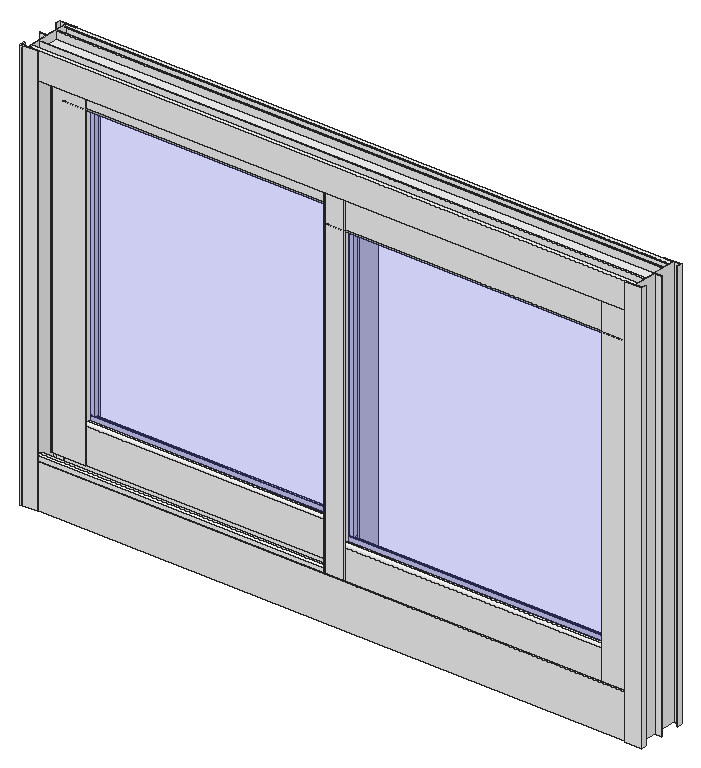
Revit family "Elite_Sliding_Window_OX_Custom", category Windows, host Wall, Revit 2014
Parameters (values of type "EliteSW-OX-Custom")
  Windload Design = if(Custom Windload < 1001 mm, 1000 mm, if(Custom Windload < 1501 mm, 1500 mm, 2000 mm))  # 1000 mm
  Width Sash Right [instance] = 447.9 mm
  Width Sash Left [instance] = 447.9 mm
  Width = if(Custom Window Width < Limit Window Width Min, Limit Window Width Min, if(Custom Window Width > Limit Window Width Max, Limit Window Width Max, Custom Window Width))  # 890 mm
  Wall Thickness [instance] = 200 mm
  URL = "http://www.crealco.co.za/crealco-products.php"
  Thermal Resistance (R) [instance] = if(and(Custom U Value > 0.5678, 1 / Custom U Value < 36.9087), Custom U Value, if(not(Custom U Value > 0.5678), 1 / 0.5679, 1 / 36.9086)) * 1.0000 (m²·K)/W  # 1.76087 (m²·K)/W
  Standard Interlocker = not(Inside Heavy Duty Interlocker)  # yes
  Solar Heat Gain Coefficient [instance] = if(and(not(Custom SHGC Value < 0), not(Custom SHGC Value > 1)), Custom SHGC Value, if(Custom U Value < 0, 0, 1))  # 0
  Sash Width Right = (Width - (2 mm * 12) - Sash Width Left) + 29.8 mm  # 447.9 mm
  Sash Width Left = if(Equal Sash Width, ((Width - (2 mm * 12)) / 2) + 14.9 mm, if(Custom Sash Width Left < Limit Sash Width Left Min, Limit Sash Width Left Min, if(Custom Sash Width Left > Limit Sash Width Left Max, Limit Sash Width Left Max, Custom Sash Width Left)))  # 447.9 mm
  Sash Side Spacing = 0.5 mm  # constant formula
  Sash Height = Height - 29 mm - 54 mm  # 507 mm
  Sash Frame Seal = 1 mm  # constant formula
  Rough Width = 2.5 mm
  Overall Width [instance] = 890 mm
  Overall Height [instance] = 590 mm
  Outside Heavy Duty Interlocker = if(Interlocker Configuration = 2 mm, 1 = 1, 1 = 0)  # no
  Model = "Elite"  # constant formula
  Max Pane Area = if(Area Right Sash Glazing > Area Left Sash Glazing, Area Right Sash Glazing, Area Left Sash Glazing)  # 0.160149 m²
  Manufacturer = "Crealco"  # constant formula
  Limit Window Width Min = (2 * Limit Sash Width Min) + (2 mm * 12) - 29.8 mm  # 594.2 mm
  Limit Window Width Max = if(Windload Design = 1000 mm, (2 * Limit Sash Width Max) + (2 mm * 12) - 29.8 mm, if(Windload Design = 1500 mm, if(Custom Window Height > 1490 mm, 1490 mm, (2 * Limit Sash Width Max) + (2 mm * 12) - 29.8 mm), if(Custom Window Height > 1490 mm, 890 mm, (2 * Limit Sash Width Max) + (2 mm * 12) - 29.8 mm)))  # 2994.2 mm
  Limit Window Height Min = Limit Sash Height Min + (29 mm + 54 mm)  # 383 mm
  Limit Window Height Max = if(Windload Design = 1000 mm, Limit Sash Height Max + (29 mm + 54 mm), if(Windload Design = 1500 mm, if(and(Custom Window Width > 1490 mm, Custom Window Height > 1490 mm), 1490 mm, Limit Sash Height Max + (29 mm + 54 mm)), if(and(Custom Window Width > 890 mm, Custom Window Height > 1490 mm), 1490 mm, Limit Sash Height Max + (29 mm + 54 mm))))  # 1883 mm
  Limit Sash Width Min = 300 mm  # constant formula
  Limit Sash Width Max = 1500 mm  # constant formula
  Limit Sash Width Left Min = if(Width - (2 mm * 12) - Limit Sash Width Max + 29.8 mm < Limit Sash Width Min, Limit Sash Width Min, Width - (2 mm * 12) - Limit Sash Width Max + 29.8 mm)  # 300 mm
  Limit Sash Width Left Max = if(Width - (2 mm * 12) - Limit Sash Width Min + 29.8 mm > Limit Sash Width Max, Limit Sash Width Max, Width - (2 mm * 12) - Limit Sash Width Min + 29.8 mm)  # 595.8 mm
  Limit Sash Height Min = 300 mm  # constant formula
  Limit Sash Height Max = 1800 mm  # constant formula
  Keynote = ""
  Interlocker Configuration = if(Windload Design = 1000 mm, if(or(not(Height > 890 mm), or(and(not(Height > 1190 mm), not(Width > 2690 mm)), and(not(Height > 1490 mm), not(Width > 890 mm)))), 0 mm, if(and(Height > 1490 mm, Width > 1190 mm), 2 mm, 1 mm)), if(Windload Design = 1500 mm, if(or(and(not(Width > 1190 mm), not(Height > 1190 mm)), not(Height > 890 mm)), 0 mm, if(or(and(Width > 1790 mm, Height > 1190 mm), and(Width > 890 mm, Height > 1490 mm)), 2 mm, 1 mm)), if(or(not(Height > 890 mm), and(not(Width > 890 mm), not(Height > 1190 mm))), 0 mm, if(or(Height > 1490 mm, and(Width > 1190 mm, Height > 1190 mm)), 2 mm, 1 mm))))  # 0 mm
  IGDB or SAGDB Number [instance] = 0
  Height Sash [instance] = 507 mm
  Inside Heavy Duty Interlocker = if(or(Interlocker Configuration = 1 mm, Interlocker Configuration = 2 mm), 1 = 1, 1 = 0)  # no
  Height = if(Custom Window Height < Limit Window Height Min, Limit Window Height Min, if(Custom Window Height > Limit Window Height Max, Limit Window Height Max, Custom Window Height))  # 590 mm
  Heat Transfer Coefficient (U) [instance] = if(and(Custom U Value > 0.5678, Custom U Value < 36.9087), Custom U Value, if(not(Custom U Value > 0.5678), 0.5679, 36.9086)) * 1.0000 W/(m²·K)  # 0.5679 W/(m²·K)
  Glazing Thickness [instance] = if(IGDB or SAGDB Number = 1000015, 4 mm, if(IGDB or SAGDB Number = 9922, 4 mm, if(IGDB or SAGDB Number = 100100, 6 mm, if(IGDB or SAGDB Number = 103200, 7 mm, if(not(Max Pane Area > 0.75 m²), 4 mm, if(not(Max Pane Area > 1.50 m²), 4 mm, if(not(Max Pane Area > 2.10 m²), 5 mm, if(not(Max Pane Area > 2.90 m²), 6.4 mm, if(not(Max Pane Area > 4.30 m²), 8 mm, 10 mm)))))))))  # 4 mm
  Glazing Material [instance] = if(IGDB or SAGDB Number = 1000015, "PFG CLEARVUE 4mm", if(IGDB or SAGDB Number = 9922, "PFG ENERGY ADVANTAGE 4mm LOW-E", if(IGDB or SAGDB Number = 100100, "PFG INTRUDERPRUFE 6.38mm", if(IGDB or SAGDB Number = 103200, "PFG INTRUDERPRUFE LOW-E 7.38mm", "Unknown"))))  # "Unknown"
  Glazing Finish [instance] = Glass
  Glazing Code [instance] = if(IGDB or SAGDB Number = 1000015, "CF4", if(IGDB or SAGDB Number = 9922, "CF4E", if(IGDB or SAGDB Number = 100100, "LAM01", if(IGDB or SAGDB Number = 103200, "LAM01E", "Unknown"))))  # "Unknown"
  Frame Thickness = 70.3 mm  # constant formula
  Frame Offset From Exterior [instance] = if(Centered In Wall, (Wall Thickness - Frame Thickness) / 2, Custom Frame Offset From Exterior)  # 64.85 mm
  Equal Sash Width = yes
  Description = "Sliding window, OX custom"  # constant formula
  Default Sill Height = 800 mm
  Wall Closure = By host
  Custom Window Width = 890 mm
  Custom Window Height = 590 mm
  Custom Windload = 1000 mm
  Custom U Value [instance] = 0
  Custom Sash Width Left = 600 mm
  Custom SHGC Value [instance] = 0
  Custom Frame Offset From Exterior = 0 mm
  Centered In Wall = yes
  Area Right Sash Glazing = (Sash Width Right - 21 mm - 41 mm) * (Sash Height - (46 mm * 2))  # 0.160149 m²
  Area Left Sash Glazing = (Sash Width Left - 21 mm - 41 mm) * (Sash Height - (46 mm * 2))  # 0.160149 m²
  Aluminium Finish [instance] = White Powder Coated Aluminium ANP 1052
  All Available Glazing Numbers [instance] = "The rows below list the available glazing materials for this window:"  # constant formula
  9922 [instance] = "CF4E"  # constant formula
  103200 [instance] = "LAM01E"  # constant formula
  100100 [instance] = "LAM01"  # constant formula
  1000015 [instance] = "CF4"  # constant formula
Reference planes
  plane 1 "Center (Front/Back)": y = 0
  plane 2 "Center (Left/Right)": x = 0
  plane 3 "Left": x = -445
  plane 4 "Right": x = 445
  plane 5 "Sill": z = 800
  plane 6 "Head": z = 1390
  plane 7 "Exterior": y = 100
  plane 8 "Interior": y = -100
Lines and regions (mm)
  Opening 1
    outline origin (3500, -100, 0) x (1, 0, 0) y (0, 0, 1)
      loop
        line (-3055, 800) -> (-3055, 1390) -> (-3945, 1390) -> (-3945, 800) -> (-3055, 800)
Text (mm)
  text "EXTERIOR" at (-1963.203, 1332.353, 0), in view "Ref. Level"
  text "INTERIOR" at (-1981.466, -818.386, 0), in view "Ref. Level"
  text "Exterior" at (0, 923.751, 2943.296), in view "Right"
  text "Exterior" at (0, 1040.484, 2685.409), in view "Left"
Dimensions and locks
  equal spacing: plane 3 "Left", plane 2 "Center (Left/Right)", plane 4 "Right"
  "Width": plane 3 "Left" to plane 4 "Right"
  "Height": plane 5 "Sill" to plane 6 "Head"
  "Default Sill Height": plane 5 "Sill" to level
  locked: plane 7 "Exterior" to host wall at 0
  locked: plane 8 "Interior" to host wall
  "Overall Height": plane 6 "Head" to plane 5 "Sill"
  "Overall Width": plane 3 "Left" to plane 4 "Right"
  "Sash Side Spacing": nested 1 to nested 3
  "Sash Side Spacing": nested 2 to nested 1
  "Width Sash Left": nested 2 to nested 2
  "Height Sash": nested 2 to nested 2
  "Width Sash Right": nested 3 to nested 3
  "Frame Offset From Exterior": nested 1 to plane 7 "Exterior"
  locked: nested 1 to nested 3 at 0.7
  locked: nested 2 to nested 1 at 1
  "Wall Thickness": host wall to host wall
  aligned and locked: nested 1 to plane 6 "Head"
  aligned and locked: nested 1 to plane 3 "Left"
  aligned and locked: nested 3 to nested 1
  aligned and locked: nested 2 to nested 1
Automatic sketch dimensions
  plane 3 "Left" to Opening 1 sketch curve = 0 mm
  plane 4 "Right" to Opening 1 sketch curve = 0 mm
  Opening 1 sketch curve to plane 5 "Sill" = 0 mm
  Opening 1 sketch curve to plane 6 "Head" = 0 mm
Nested families
  nested 1: "Elite_Frame_OX_Cust" at (445, -35.15, 800), Profile Material <- "Aluminium Finish", Width <- "Width", Height <- "Height", type "Elite_Frame_OX_Cust"
    with Width 890 mm, Profile Material White Powder Coated Aluminium ANP 1052, Length Jamb 590 mm, Length Head & Sill 867 mm, Height 590 mm
  nested 2: "Elite_Sash_Inner_OX_Cust" at (433, -30.5, 854), Profile Material <- "Aluminium Finish", Glazing Material <- "Glazing Finish", Sash Width <- "Sash Width Left", Sash Height <- "Sash Height", Glazing Thickness <- "Glazing Thickness", Is Heavy Duty Interlocker <- "Inside Heavy Duty Interlocker", type "Elite_Sash_Inner_OX_Cust"
    with Sash Width 447.9 mm, Sash Height 507 mm, Right Sliding no, Profile Material White Powder Coated Aluminium ANP 1052, Length Sash Head & Sill 431.9 mm, Length Arrow Tip 35.081 mm, Length Arrow 115.767 mm, Left Sliding no, Is Standard Interlocker yes, Is Sliding no, Is Heavy Duty Interlocker no, Glazing Width 385.9 mm, Glazing Thickness 4 mm, Glazing Start -2 mm, Glazing Material Glass, Glazing Height 415 mm, Glazing Frame Side Gap 3 mm, Glazing End 2 mm, Arrow Tip Length 35.081 mm, Arrow Left Gap 135.067 mm, Arrow Bottom Gap 207.5 mm
  nested 3: "Elite_Sash_Outer_OX_Cust" at (-433, 30.2, 854) x (-1, 0, 0) z (0, 0, 1), Profile Material <- "Aluminium Finish", Glazing Material <- "Glazing Finish", Glazing Thickness <- "Glazing Thickness", Sash Width <- "Sash Width Right", Sash Height <- "Sash Height", Is Heavy Duty Interlocker <- "Outside Heavy Duty Interlocker", type "Elite_Sash_Outer_OX_Cust"
    with Sash Width 447.9 mm, Sash Height 507 mm, Right Sliding yes, Profile Material White Powder Coated Aluminium ANP 1052, Length Sash Head & Sill 431.9 mm, Length Arrow Tip 35.081 mm, Length Arrow 115.767 mm, Left Sliding no, Is Standard Interlocker yes, Is Sliding yes, Is Heavy Duty Interlocker no, Glazing Width 385.9 mm, Glazing Thickness 4 mm, Glazing Start -2 mm, Glazing Material Glass, Glazing Height 415 mm, Glazing Frame Side Gap 3 mm, Glazing End 2 mm, Arrow Tip Length 35.081 mm, Arrow Left Gap 135.067 mm, Arrow Bottom Gap 207.5 mm
Definition of nested family "Elite_Frame_OX_Cust"
  Parameters (values of type "Elite_Frame_OX_XX")
    Width [instance] = 600 mm
    Profile Material [instance] = none
    Length Jamb [instance] = Height  # 900 mm
    Length Head & Sill [instance] = Width - 2 * 11.5 mm  # 577 mm
    Height [instance] = 900 mm
  Reference planes
    plane 1 "Center (Front/Back)": y = 0
    plane 2: z = 0
    plane 3 "Center (Left/Right)": x = 0
  Dimensions and locks
    aligned and locked: level to plane 2
    aligned and locked: nested 2 to plane 2
    aligned and locked: plane 3 "Center (Left/Right)" to nested 2
    aligned and locked: plane 1 "Center (Front/Back)" to nested 2
    aligned and locked: nested 1 to nested 2  (x2)
    aligned and locked: nested 2 to nested 3
    aligned and locked: nested 2 to nested 1
    aligned and locked: nested 4 to plane 1 "Center (Front/Back)"
    aligned and locked: nested 4 to nested 1
    aligned and locked: plane 2 to nested 4
    aligned and locked: nested 3 to nested 2
    aligned and locked: nested 3 to nested 4
  Nested families
    nested 1: "Elite_Frame_Sill" at (-11.5, 68.5, 0) x (-1, 0, 0) z (0, 0, 1), Profile Material <- "Profile Material", Length Frame Sill <- "Length Head & Sill", type "Elite_Frame_Sill"
      with Profile Material none, Length Frame Sill 577 mm
    nested 2: "Elite_Frame_Jamb_Mirror" at (-24.5, 70.3, 0) x (0, -1, 0) z (0, 0, 1), Profile Material <- "Profile Material", Length Frame Jamb <- "Length Jamb", type "Elite_Frame_Jamb_Mirror"
      with Profile Material none, Length Frame Jamb 900 mm
    nested 3: "Elite_Frame_Head" at (-588.5, 1.5, 759.46), Profile Material <- "Profile Material", Length Frame Head <- "Length Head & Sill", type "Elite_Frame_Head"
      with Profile Material none, Length Frame Head 577 mm
    nested 4: "Elite_Frame_Jamb" at (-575.5, 70.3, 0) x (0, -1, 0) z (0, 0, 1), Profile Material <- "Profile Material", Length Frame Jamb <- "Length Jamb", type "Elite_Frame_Jamb"
      with Profile Material none, Length Frame Jamb 900 mm
  Definition of nested family "Elite_Frame_Sill"
    Parameters (values of type "Elite_Frame_Sill")
      Profile Material [instance] = none
      Length Frame Sill [instance] = 250 mm
    Reference planes
      plane 1 "Center (Front/Back)": y = 0
      plane 2: z = 0
      plane 3 "Center (Left/Right)": x = 0
    Forms (mm)
      Extrusion 1, solid, material <- "Profile Material"
        sketch origin (0, 0, 0) x (0, 1, 0) y (0, 0, 1)
          loop
            line (20.5, 61.807) -> (15.922, 62.99) -> (11.5, 61.805) -> (11.5, 54) -> (12.9, 54) -> (12.9, 60.734) -> (16.078, 61.54) -> (19.1, 60.731) -> (19.1, 37) -> (12.88, 36.997) -> (0, 35.262) -> (0, 11.5) -> (1.4, 11.5) -> (1.4, 15) -> (12, 15) -> (12, 0) -> (17, 0) -> (17, 1) -> (13.4, 1) -> (13.4, 5) -> (17, 5) -> (17, 6) -> (13.4, 6) -> (13.4, 18.532) -> (65.6, 20.009) -> (65.6, 6) -> (62, 6) -> (62, 5) -> (65.6, 5) -> (65.6, 1) -> (62, 1) -> (62, 0) -> (67, 0) -> (67, 63) -> (65.6, 63) -> (65.6, 37) -> (55.5, 37) -> (55.5, 61.807) -> (50.922, 62.99) -> (46.5, 61.805) -> (46.5, 54) -> (47.9, 54) -> (47.9, 60.734) -> (51.078, 61.54) -> (54.1, 60.731) -> (54.1, 37) -> (20.5, 37) -> (20.5, 61.807)
          loop
            line (65.6, 35.6) -> (12.994, 35.6) -> (1.4, 34.038) -> (1.4, 16.4) -> (12, 16.4) -> (12, 19.893) -> (65.6, 21.409) -> (65.6, 35.6)
        from 0 to 250 <- "Length Frame Sill"
    Dimensions and locks
      aligned and locked: level to plane 2
  Definition of nested family "Elite_Frame_Jamb_Mirror"
    Parameters (values of type "Elite_Frame_Jamb_Mirror")
      Void Spacing Top = 13 mm  # constant formula
      Void Spacing Bottom = 38 mm  # constant formula
      Void Cut Length = 13 mm  # constant formula
      Profile Material [instance] = none
      Length Frame Jamb [instance] = 250 mm
    Reference planes
      plane 1 "Center (Front/Back)": y = 0
      plane 2: z = 0
      plane 3 "Center (Left/Right)": x = 0
    Forms (mm)
      Extrusion 1, solid, material <- "Profile Material"
        sketch origin (-5.594, -3.252, 0) x (1, 0, 0) y (0, 1, 0)
          loop
            line (74.394, 26.252) -> (74.394, 17.752) -> (41.394, 17.752) -> (41.394, 27.752) -> (40.094, 27.752) -> (40.094, 17.752) -> (7.094, 17.752) -> (7.094, 26.252) -> (12.594, 26.252) -> (12.594, 27.752) -> (5.594, 27.752) -> (5.594, 3.252) -> (7.094, 3.252) -> (7.094, 16.252) -> (49.743, 16.252) -> (49.743, 10.75) -> (52.03, 3.252) -> (53.599, 3.252) -> (50.994, 11.791) -> (50.994, 16.252) -> (65.494, 16.252) -> (65.494, 11.791) -> (62.888, 3.252) -> (64.457, 3.252) -> (66.744, 10.793) -> (66.744, 16.252) -> (74.394, 16.252) -> (74.394, 3.252) -> (75.894, 3.252) -> (75.894, 27.752) -> (68.894, 27.752) -> (68.894, 26.252) -> (74.394, 26.252)
        from 0 to 250 <- "Length Frame Jamb"
      Extrusion 2, void
        sketch origin (70.3, 0, 0) x (1, 0, 0) y (0, 0, -1)
          loop
            line (-26.151, -237) -> (-26.151, -250) -> (-9.15, -250) -> (-9.15, -237) -> (-26.151, -237)
          loop
            line (-26.151, -38) -> (-9.15, -38) -> (-9.15, 0) -> (-26.151, 0) -> (-26.151, -38)
        from 0 to 13 <- "Void Cut Length"
    Cuts and joins
      Extrusion 2 cuts Extrusion 1
    Dimensions and locks
      "Void Spacing Top": Extrusion 2 sketch curve to Extrusion 2 sketch curve
      "Void Spacing Bottom": Extrusion 2 sketch curve to Extrusion 2 sketch curve
      aligned and locked: level to plane 2
      aligned and locked: Extrusion 1 to Extrusion 2 sketch curve  (x2)
      aligned and locked: Extrusion 2 sketch curve to Extrusion 1
      aligned and locked: Extrusion 2 sketch curve to cut or joined group of Extrusion 1, Extrusion 2  (x3)
    Automatic sketch dimensions
      Extrusion 1 sketch curve to plane 3 "Center (Left/Right)" = 0 mm
      plane 1 "Center (Front/Back)" to Extrusion 1 sketch curve = 0 mm  (x4)
      plane 3 "Center (Left/Right)" to Extrusion 1 sketch curve = 1.5 mm  (x2)
      Extrusion 1 sketch curve to Extrusion 1 sketch curve = 5.5 mm  (x2)
      Extrusion 1 sketch curve to Extrusion 1 sketch curve = 27.5 mm
      Extrusion 1 sketch curve to Extrusion 1 sketch curve = 1.3 mm
      Extrusion 1 sketch curve to Extrusion 1 sketch curve = 8.349 mm
      Extrusion 1 sketch curve to Extrusion 1 sketch curve = 1.251 mm
      Extrusion 1 sketch curve to Extrusion 1 sketch curve = 2.288 mm
      Extrusion 1 sketch curve to Extrusion 1 sketch curve = 1.568 mm
      Extrusion 1 sketch curve to Extrusion 1 sketch curve = 9.29 mm
      Extrusion 1 sketch curve to Extrusion 1 sketch curve = 1.569 mm
      Extrusion 1 sketch curve to Extrusion 1 sketch curve = 1.037 mm
      Extrusion 1 sketch curve to Extrusion 1 sketch curve = 1.25 mm
      Extrusion 1 sketch curve to Extrusion 1 sketch curve = 2.15 mm
      Extrusion 1 sketch curve to Extrusion 1 sketch curve = 0 mm  (x3)
      Extrusion 1 sketch curve to Extrusion 1 sketch curve = 1.5 mm  (x5)
      Extrusion 1 sketch curve to plane 1 "Center (Front/Back)" = 7.498 mm
      Extrusion 1 sketch curve to plane 1 "Center (Front/Back)" = 7.54 mm
      Extrusion 1 sketch curve to Extrusion 1 sketch curve = 0.998 mm
      Extrusion 1 sketch curve to Extrusion 1 sketch curve = 1.041 mm
      Extrusion 1 sketch curve to Extrusion 1 sketch curve = 4.461 mm
      Extrusion 1 sketch curve to Extrusion 1 sketch curve = 8.5 mm  (x2)
      Extrusion 1 sketch curve to Extrusion 1 sketch curve = 10 mm
  Definition of nested family "Elite_Frame_Head"
    Parameters (values of type "Elite_Frame_Head")
      Profile Material [instance] = none
      Length Frame Head [instance] = 250 mm
    Reference planes
      plane 1 "Center (Front/Back)": y = 0
      plane 2: z = 0
      plane 3 "Center (Left/Right)": x = 0
    Forms (mm)
      Extrusion 1, solid, material <- "Profile Material"
        sketch origin (0, 0, 0) x (0, 1, 0) y (0, 0, 1)
          loop
            line (11.5, 102.54) -> (20.5, 102.54) -> (20.5, 111.54) -> (19.1, 111.54) -> (19.1, 103.94) -> (12.9, 103.94) -> (12.9, 128.64) -> (54.1, 128.64) -> (54.1, 103.94) -> (47.9, 103.94) -> (47.9, 111.54) -> (46.5, 111.54) -> (46.5, 102.54) -> (55.5, 102.54) -> (55.5, 128.64) -> (65.5, 128.64) -> (65.5, 102.54) -> (67, 102.54) -> (67, 140.54) -> (61.65, 140.54) -> (61.65, 139.14) -> (65.5, 139.14) -> (65.5, 130.04) -> (49.298, 130.04) -> (49.298, 140.54) -> (47.9, 140.54) -> (47.9, 130.04) -> (19.1, 130.04) -> (19.1, 140.54) -> (17.7, 140.54) -> (17.7, 130.04) -> (1.5, 130.04) -> (1.5, 139.14) -> (5.35, 139.14) -> (5.35, 140.54) -> (0, 140.54) -> (0, 102.54) -> (1.5, 102.54) -> (1.5, 128.64) -> (11.5, 128.64) -> (11.5, 102.54)
        from 0 to 250 <- "Length Frame Head"
    Dimensions and locks
      aligned and locked: level to plane 2
  Definition of nested family "Elite_Frame_Jamb"
    Parameters (values of type "Elite_Frame_Jamb")
      Void Spacing Top = 13 mm  # constant formula
      Void Spacing Bottom = 38 mm  # constant formula
      Void Cut Length = 13 mm  # constant formula
      Profile Material [instance] = none
      Length Frame Jamb [instance] = 250 mm
    Reference planes
      plane 1 "Center (Front/Back)": y = 0
      plane 2: z = 0
      plane 3 "Center (Left/Right)": x = 0
    Forms (mm)
      Extrusion 1, solid, material <- "Profile Material"
        sketch origin (-5.594, -3.252, 0) x (1, 0, 0) y (0, 1, 0)
          loop
            line (7.094, 26.252) -> (12.594, 26.252) -> (12.594, 27.752) -> (5.594, 27.752) -> (5.594, 3.252) -> (7.094, 3.252) -> (7.094, 16.252) -> (14.744, 16.252) -> (14.744, 10.793) -> (17.03, 3.252) -> (18.599, 3.252) -> (15.994, 11.791) -> (15.994, 16.252) -> (30.494, 16.252) -> (30.494, 11.791) -> (27.888, 3.252) -> (29.457, 3.252) -> (31.744, 10.75) -> (31.744, 16.252) -> (74.394, 16.252) -> (74.394, 3.252) -> (75.894, 3.252) -> (75.894, 27.752) -> (68.894, 27.752) -> (68.894, 26.252) -> (74.394, 26.252) -> (74.394, 17.752) -> (41.394, 17.752) -> (41.394, 27.752) -> (40.094, 27.752) -> (40.094, 17.752) -> (7.094, 17.752) -> (7.094, 26.252)
        from 0 to 250 <- "Length Frame Jamb"
      Extrusion 2, void
        sketch origin (68.8, 0, 0) x (-1, 0, 0) y (0, 0, 1)
          loop
            line (59.65, 250) -> (42.649, 250) -> (42.649, 237) -> (59.65, 237) -> (59.65, 250)
          loop
            line (42.649, 0) -> (59.65, 0) -> (59.65, 38) -> (42.649, 38) -> (42.649, 0)
        from 0 to 13 <- "Void Cut Length"
    Cuts and joins
      Extrusion 2 cuts Extrusion 1
    Dimensions and locks
      "Void Spacing Bottom": Extrusion 2 sketch curve to Extrusion 2 sketch curve
      "Void Spacing Top": Extrusion 2 sketch curve to Extrusion 2 sketch curve
      aligned and locked: level to plane 2
      aligned and locked: Extrusion 2 sketch curve to Extrusion 1  (x6)
    Automatic sketch dimensions
      plane 1 "Center (Front/Back)" to Extrusion 1 sketch curve = 0 mm  (x4)
      Extrusion 1 sketch curve to plane 3 "Center (Left/Right)" = 0 mm
      plane 3 "Center (Left/Right)" to Extrusion 1 sketch curve = 1.5 mm  (x2)
      Extrusion 1 sketch curve to Extrusion 1 sketch curve = 5.5 mm  (x2)
      Extrusion 1 sketch curve to Extrusion 1 sketch curve = 7.65 mm
      Extrusion 1 sketch curve to Extrusion 1 sketch curve = 1.25 mm
      Extrusion 1 sketch curve to Extrusion 1 sketch curve = 2.287 mm
      Extrusion 1 sketch curve to Extrusion 1 sketch curve = 1.569 mm
      Extrusion 1 sketch curve to Extrusion 1 sketch curve = 9.29 mm
      Extrusion 1 sketch curve to Extrusion 1 sketch curve = 1.568 mm
      Extrusion 1 sketch curve to Extrusion 1 sketch curve = 1.037 mm
      Extrusion 1 sketch curve to plane 1 "Center (Front/Back)" = 7.498 mm
      Extrusion 1 sketch curve to Extrusion 1 sketch curve = 1.251 mm
      Extrusion 1 sketch curve to Extrusion 1 sketch curve = 8.349 mm
      Extrusion 1 sketch curve to Extrusion 1 sketch curve = 1.3 mm
      Extrusion 1 sketch curve to Extrusion 1 sketch curve = 27.5 mm
      Extrusion 1 sketch curve to Extrusion 1 sketch curve = 0 mm  (x3)
      Extrusion 1 sketch curve to Extrusion 1 sketch curve = 1.5 mm  (x5)
      Extrusion 1 sketch curve to plane 1 "Center (Front/Back)" = 7.54 mm
      Extrusion 1 sketch curve to Extrusion 1 sketch curve = 0.998 mm
      Extrusion 1 sketch curve to Extrusion 1 sketch curve = 1.041 mm
      Extrusion 1 sketch curve to Extrusion 1 sketch curve = 4.461 mm
      Extrusion 1 sketch curve to Extrusion 1 sketch curve = 8.5 mm  (x2)
      Extrusion 1 sketch curve to Extrusion 1 sketch curve = 10 mm
Definition of nested family "Elite_Sash_Inner_OX_Cust"
  Parameters (values of type "Elit_Sash_Inner")
    Top&Bottom Side Spacing = 14.5 mm  # constant formula
    Sash Width [instance] = 1500 mm
    Sash Height [instance] = 1200 mm
    Right Sliding [instance] = yes
    Profile Material [instance] = White Powder Coated Aluminium ANP 1052
    Overlap Gap = 1.4 mm  # constant formula
    Middle of Glazing = 13 mm  # constant formula
    Length Sash Head & Sill [instance] = Sash Width - 14.5 mm - 1.5 mm  # 1484 mm
    Length Arrow Tip [instance] = Length Arrow / 3.3  # 141.354 mm
    Length Arrow [instance] = (Sash Width - (2 * 50.3 mm)) / 3  # 466.467 mm
    Left Sliding [instance] = yes
    Is Standard Interlocker [instance] = not(Is Heavy Duty Interlocker)  # no
    Is Sliding [instance] = if(or(Right Sliding, Left Sliding), 1 = 1, 1 = 2)  # yes
    Is Heavy Duty Interlocker [instance] = yes
    Glazing Width [instance] = Sash Width - 21 mm - 41 mm  # 1438 mm
    Glazing Thickness [instance] = 6.4 mm
    Glazing Start [instance] = -Glazing Thickness / 2  # -3.2 mm
    Glazing Side Spacing = 41 mm  # constant formula
    Glazing Profile Gap = 459.05 mm
    Glazing Material [instance] = Glass
    Glazing Height [instance] = Sash Height - (46 mm * 2)  # 1108 mm
    Glazing Frame Side Gap [instance] = (10 mm - Glazing Thickness) / 2  # 1.8 mm
    Glazing Frame Gap = 5 mm  # constant formula
    Glazing End [instance] = Glazing Thickness / 2  # 3.2 mm
    Glazing Edge Interlocker Gap = 17 mm  # constant formula
    Glazing Edge Bottom and Top Gap = 46 mm  # constant formula
    Arrow Tip Length [instance] = if((Sash Height - (2 * 50.3 mm)) / 8 > Length Arrow / 3.3, Length Arrow / 3.3, (Sash Height - (2 * 50.3 mm)) / 8)  # 137.425 mm
    Arrow Tip Angle = 45.00°
    Arrow Left Gap [instance] = (Sash Width - 21 mm - 41 mm - Length Arrow) / 2  # 485.767 mm
    Arrow Bottom Gap [instance] = Sash Height / 2 - 46 mm  # 554 mm
    1.5 Spacing = 1.5 mm  # constant formula
  Reference planes
    plane 1 "Center (Front/Back)": y = 0
    plane 2: z = 0
    plane 3 "Center (Left/Right)": x = 0
    plane 4: y = -13
  Forms (mm)
    Extrusion 1, solid, material "Glass" <- "Glazing Material"
      sketch origin (-1492.688, -13, 1709.9) x (-1, 0, 0) y (0, 0, 1)
        loop
          line (-13.688, -555.9) -> (-1451.688, -555.9) -> (-1451.688, -1663.9) -> (-13.688, -1663.9) -> (-13.688, -555.9)
      from -3.2 <- "Glazing Start" to 3.2 <- "Glazing End"
  Lines and regions (mm)
    model lines, visible <- "Is Sliding"
      curve 1: line (-993.233, -16.2, 600) -> (-526.767, -16.2, 600)
    model lines, visible <- "Left Sliding"
      curve 2: line (-526.767, -16.2, 600) -> (-623.941, -16.2, 697.174)
      curve 3: line (-526.767, -16.2, 600) -> (-623.941, -16.2, 502.826)
    model lines, visible <- "Right Sliding"
      curve 4: line (-993.233, -16.2, 600) -> (-893.281, -16.2, 699.952)
      curve 5: line (-993.233, -16.2, 600) -> (-893.281, -16.2, 500.048)
  Dimensions and locks
    "Length Arrow": curve 1 to curve 1
    "Arrow Left Gap": Extrusion 1 to curve 1
    "Arrow Bottom Gap": Extrusion 1 to curve 1
    "Arrow Tip Length": curve 3 to curve 2
    "Arrow Tip Length": curve 3 to curve 3
    "Length Arrow Tip": curve 5 to curve 5
    "Length Arrow Tip": curve 5 to curve 4
    "Middle of Glazing": plane 4 to plane 1 "Center (Front/Back)"
    "Glazing Width": Extrusion 1 to Extrusion 1
    "Glazing Height": Extrusion 1 to Extrusion 1
    "Sash Width": nested 2 to plane 3 "Center (Left/Right)"
    "Glazing Side Spacing": Extrusion 1 to plane 3 "Center (Left/Right)"
    "1.5 Spacing": nested 3 to plane 1 "Center (Front/Back)"
    "Top&Bottom Side Spacing": nested 3 to plane 3 "Center (Left/Right)"
    "Top&Bottom Side Spacing": nested 4 to plane 3 "Center (Left/Right)"
    "1.5 Spacing": nested 4 to plane 1 "Center (Front/Back)"
    "Sash Height": nested 3 to plane 2
    "Glazing Edge Bottom and Top Gap": plane 2 to Extrusion 1
    "Sash Width": nested 5 to plane 3 "Center (Left/Right)"
    "Arrow Tip Angle": angle curve 3 to curve 1
    "Arrow Tip Angle": angle curve 1 to curve 2
    "Arrow Tip Angle": angle curve 4 to curve 1
    "Arrow Tip Angle": angle curve 1 to curve 5
    aligned and locked: level to plane 2
    aligned and locked: plane 3 "Center (Left/Right)" to nested 1
    aligned and locked: nested 1 to plane 2
    aligned and locked: nested 4 to plane 2
    aligned and locked: nested 2 to plane 2
    aligned and locked: nested 2 to plane 1 "Center (Front/Back)"
    aligned and locked: nested 5 to plane 1 "Center (Front/Back)"
    aligned and locked: nested 5 to plane 2
  Automatic sketch dimensions
    Extrusion 1 sketch curve to Extrusion 1 sketch curve = 1108 mm
    level to Extrusion 1 sketch curve = 46 mm
    Extrusion 1 sketch curve to plane 3 "Center (Left/Right)" = 41 mm
    Extrusion 1 sketch curve to Extrusion 1 sketch curve = 1438 mm
  Nested families
    nested 1: "Elite_Lock_Stile" at (0, -26, 0) x (0, 1, 0) z (0, 0, 1), Profile Material <- "Profile Material", Length Lock Stile <- "Sash Height", type "Elite_Lock_Stile"
      with Profile Material White Powder Coated Aluminium ANP 1052, Length Lock Stile 1200 mm
    nested 2: "Elite_Interlocker" at (-1506.667, 6.916, 0) x (0, -1, 0) z (0, 0, 1), Profile Material <- "Profile Material", Length Interlocker <- "Sash Height", visible <- "Is Standard Interlocker", type "Elite_Interlocker"
      with Profile Material White Powder Coated Aluminium ANP 1052, Length Interlocker 1200 mm
    nested 3: "Elite_Sash_Top" at (-1498.5, -24.2, 1052), Profile Material <- "Profile Material", Length Sash Top <- "Length Sash Head & Sill", type "Elite_Sash_Top"
      with Profile Material White Powder Coated Aluminium ANP 1052, Length Sash Top 1484 mm
    nested 4: "Elite_Sash_Bottom" at (-1498.5, -24.2, 0), Profile Material <- "Profile Material", Length Sash Bottom <- "Length Sash Head & Sill", type "Elite_Sash_Bottom"
      with Profile Material White Powder Coated Aluminium ANP 1052, Length Sash Bottom 1484 mm
    nested 5: "Elite_Heavy_Duty_Interlocker_Inside" at (-1500, 20, 0) x (0, -1, 0) z (0, 0, 1), Length Heavy Duty Interlocker <- "Sash Height", Profile Material <- "Profile Material", visible <- "Is Heavy Duty Interlocker", type "Elite_Heavy_Duty_Interlocker_Inside"
      with Profile Material White Powder Coated Aluminium ANP 1052, Length Heavy Duty Interlocker 1200 mm
  Definition of nested family "Elite_Lock_Stile"
    Parameters (values of type "Elite_Lock_Stile")
      Width Rail Cut = 13 mm  # constant formula
      Side Gap Rail Cut = 5 mm  # constant formula
      Profile Material [instance] = none
      Length Lock Stile [instance] = 250 mm
      Height Rail Cut = 26 mm  # constant formula
      Height Large Cut = 55 mm  # constant formula
    Reference planes
      plane 1 "Center (Front/Back)": y = 0
      plane 2: z = 0
      plane 3 "Center (Left/Right)": x = 0
    Forms (mm)
      Extrusion 1, solid, material <- "Profile Material"
        sketch origin (0, 0, 0) x (1, 0, 0) y (0, 1, 0)
          loop
            line (0, 0) -> (3.5, 0) -> (3.5, 2.4) -> (2.5, 2.4) -> (2.5, 1.2) -> (1.2, 1.2) -> (1.2, 8.8) -> (2.5, 8.8) -> (2.5, 7.6) -> (3.5, 7.6) -> (3.5, 10) -> (1.5, 10) -> (1.5, 13) -> (24.5, 13) -> (24.5, 10) -> (22.5, 10) -> (22.5, 7.6) -> (23.5, 7.6) -> (23.5, 8.8) -> (24.8, 8.8) -> (24.8, 1.2) -> (23.5, 1.2) -> (23.5, 2.4) -> (22.5, 2.4) -> (22.5, 0) -> (26, 0) -> (26, 49.8) -> (24.5, 49.8) -> (24.5, 49) -> (18, 49) -> (18, 43) -> (19.5, 43) -> (19.5, 47.5) -> (24.5, 47.5) -> (24.5, 36) -> (1.5, 36) -> (1.5, 47.5) -> (6.5, 47.5) -> (6.5, 43) -> (8, 43) -> (8, 49) -> (1.5, 49) -> (1.5, 49.8) -> (0, 49.8) -> (0, 0)
          loop
            line (1.5, 14.5) -> (24.5, 14.5) -> (24.5, 34.5) -> (13, 34.5) -> (1.5, 34.5) -> (1.5, 14.5)
        from 0 to 250 <- "Length Lock Stile"
      Extrusion 2, void
        sketch origin (24.4, 49, 0) x (1, 0, 0) y (0, 0, 1)
          loop
            line (0.1, 250) -> (-22.9, 250) -> (-22.9, 195) -> (0.1, 195) -> (0.1, 250)
          loop
            line (-22.9, 0) -> (0.1, 0) -> (0.1, 55) -> (-22.9, 55) -> (-22.9, 0)
        from 0 to 25
      Extrusion 3, void
        sketch origin (13, 14.5, 0) x (1, 0, 0) y (0, 0, 1)
          loop
            line (6.5, 250) -> (-6.5, 250) -> (-6.5, 224) -> (6.5, 224) -> (6.5, 250)
          loop
            line (6.5, 0) -> (6.5, 26) -> (-6.5, 26) -> (-6.5, 0) -> (6.5, 0)
        from 0 to 250
    Cuts and joins
      Extrusion 2, Extrusion 3 cuts Extrusion 1
    Dimensions and locks
      "Height Large Cut": Extrusion 2 sketch curve to Extrusion 2 sketch curve  (x2)
      "Height Rail Cut": Extrusion 3 sketch curve to Extrusion 3 sketch curve  (x2)
      "Width Rail Cut": Extrusion 3 sketch curve to Extrusion 3 sketch curve  (x2)
      "Side Gap Rail Cut": Extrusion 3 sketch curve to cut or joined group of Extrusion 1, Extrusion 2, Extrusion 3  (x2)
      aligned and locked: level to plane 2
      aligned and locked: Extrusion 1 to Extrusion 2 sketch curve  (x2)
      aligned and locked: Extrusion 2 sketch curve to Extrusion 1  (x4)
      aligned and locked: Extrusion 3 sketch curve to cut or joined group of Extrusion 1, Extrusion 2, Extrusion 3
      aligned and locked: cut or joined group of Extrusion 1, Extrusion 2, Extrusion 3 to Extrusion 3 sketch curve
    Automatic sketch dimensions
      Extrusion 1 sketch curve to plane 3 "Center (Left/Right)" = 0 mm
      plane 1 "Center (Front/Back)" to Extrusion 1 sketch curve = 0 mm  (x2)
      plane 3 "Center (Left/Right)" to Extrusion 1 sketch curve = 1.2 mm
      plane 3 "Center (Left/Right)" to Extrusion 1 sketch curve = 1.5 mm  (x2)
      Extrusion 1 sketch curve to Extrusion 1 sketch curve = 0 mm  (x4)
      Extrusion 1 sketch curve to Extrusion 1 sketch curve = 0.3 mm  (x2)
      Extrusion 1 sketch curve to Extrusion 1 sketch curve = 1.3 mm  (x2)
      Extrusion 1 sketch curve to Extrusion 1 sketch curve = 1 mm  (x4)
      Extrusion 1 sketch curve to Extrusion 1 sketch curve = 5 mm  (x4)
      Extrusion 1 sketch curve to Extrusion 1 sketch curve = 1.5 mm  (x6)
      Extrusion 1 sketch curve to plane 1 "Center (Front/Back)" = 2.4 mm
      Extrusion 1 sketch curve to Extrusion 1 sketch curve = 19 mm
      Extrusion 1 sketch curve to Extrusion 1 sketch curve = 2 mm
      Extrusion 1 sketch curve to Extrusion 1 sketch curve = 1.2 mm  (x6)
      Extrusion 1 sketch curve to plane 1 "Center (Front/Back)" = 1.2 mm  (x2)
      Extrusion 1 sketch curve to Extrusion 1 sketch curve = 5.2 mm  (x2)
      Extrusion 1 sketch curve to Extrusion 1 sketch curve = 3 mm
      Extrusion 1 sketch curve to Extrusion 1 sketch curve = 20 mm
      Extrusion 1 sketch curve to Extrusion 1 sketch curve = 7 mm  (x2)
      Extrusion 1 sketch curve to Extrusion 1 sketch curve = 4.5 mm  (x2)
      Extrusion 1 sketch curve to Extrusion 1 sketch curve = 0.8 mm  (x2)
  Definition of nested family "Elite_Interlocker"
    Parameters (values of type "Elite_Interlocker")
      Rail Cut Width = 13 mm  # constant formula
      Rail Cut Side Spacing = 5 mm  # constant formula
      Rail Cut Height = 26 mm  # constant formula
      Profile Material [instance] = none
      Length Interlocker [instance] = 250 mm
      Large Cut Height = 55 mm  # constant formula
    Reference planes
      plane 1 "Center (Front/Back)": y = 0
      plane 2: z = 0
      plane 3 "Center (Left/Right)": x = 0
    Forms (mm)
      Extrusion 1, solid, material <- "Profile Material"
        sketch origin (0, 0, 0) x (1, 0, 0) y (0, 1, 0)
          loop
            line (6.916, 36.467) -> (6.916, 6.667) -> (39.416, 6.667) -> (39.416, 9.551) -> (38.416, 9.551) -> (38.416, 8.167) -> (37.116, 8.167) -> (37.116, 9.551) -> (36.116, 9.551) -> (36.116, 8.167) -> (32.916, 8.167) -> (32.916, 15.167) -> (36.116, 15.167) -> (36.116, 13.78) -> (37.116, 13.78) -> (37.116, 15.167) -> (38.416, 15.167) -> (38.416, 13.78) -> (39.416, 13.78) -> (39.416, 25.167)
            arc (39.416, 25.167) -> (38.973, 25.663) -> (38.429, 25.28) r 0.5
            line (38.429, 25.28) -> (36.426, 16.667) -> (32.916, 16.667) -> (32.916, 36.467) -> (31.416, 36.467) -> (31.416, 35.667) -> (24.916, 35.667) -> (24.916, 29.667) -> (26.416, 29.667) -> (26.416, 34.167) -> (31.416, 34.167) -> (31.416, 22.667) -> (19.916, 22.667) -> (8.416, 22.667) -> (8.416, 34.167) -> (13.416, 34.167) -> (13.416, 29.667) -> (14.916, 29.667) -> (14.916, 35.667) -> (8.416, 35.667) -> (8.416, 36.467) -> (6.916, 36.467)
          loop
            line (8.416, 21.167) -> (8.416, 8.167) -> (31.416, 8.167) -> (31.416, 21.167) -> (19.916, 21.167) -> (8.416, 21.167)
        from 0 to 250 <- "Length Interlocker"
      Extrusion 2, void
        sketch origin (14.616, 35.667, 0) x (1, 0, 0) y (0, 0, 1)
          loop
            line (11.8, 250) -> (-1.2, 250) -> (-1.2, 224) -> (11.8, 224) -> (11.8, 250)
          loop
            line (-1.2, 0) -> (11.8, 0) -> (11.8, 26) -> (-1.2, 26) -> (-1.2, 0)
        from 0 to 250
      Extrusion 3, void
        sketch origin (31.316, 35.667, 0) x (1, 0, 0) y (0, 0, 1)
          loop
            line (0.1, 250) -> (-22.9, 250) -> (-22.9, 195) -> (0.1, 195) -> (0.1, 250)
          loop
            line (-22.9, 0) -> (0.1, 0) -> (0.1, 55) -> (-22.9, 55) -> (-22.9, 0)
        from 0 to 25
    Cuts and joins
      Extrusion 2, Extrusion 3 cuts Extrusion 1
    Dimensions and locks
      "Rail Cut Width": Extrusion 2 sketch curve to Extrusion 2 sketch curve  (x2)
      "Rail Cut Side Spacing": Extrusion 2 sketch curve to Extrusion 1  (x2)
      "Rail Cut Height": Extrusion 2 sketch curve to Extrusion 2 sketch curve  (x2)
      "Large Cut Height": Extrusion 3 sketch curve to Extrusion 3 sketch curve  (x2)
      aligned and locked: level to plane 2
      aligned and locked: Extrusion 1 to Extrusion 2 sketch curve  (x2)
      aligned and locked: Extrusion 3 sketch curve to cut or joined group of Extrusion 1, Extrusion 2, Extrusion 3  (x4)
      aligned and locked: cut or joined group of Extrusion 1, Extrusion 2, Extrusion 3 to Extrusion 3 sketch curve  (x2)
    Automatic sketch dimensions
      plane 3 "Center (Left/Right)" to Extrusion 1 sketch curve = 6.916 mm
      plane 3 "Center (Left/Right)" to Extrusion 1 sketch curve = 8.416 mm
      Extrusion 1 sketch curve to Extrusion 1 sketch curve = 1.5 mm  (x11)
      Extrusion 1 sketch curve to Extrusion 1 sketch curve = 0 mm  (x6)
      Extrusion 1 sketch curve to Extrusion 1 sketch curve = 5 mm  (x4)
      Extrusion 1 sketch curve to Extrusion 1 sketch curve = 3.2 mm  (x2)
      Extrusion 1 sketch curve to Extrusion 1 sketch curve = 0.31 mm
      Extrusion 1 sketch curve to Extrusion 1 sketch curve = 1 mm  (x4)
      Extrusion 1 sketch curve to Extrusion 1 sketch curve = 1.3 mm  (x2)
      Extrusion 1 sketch curve to Extrusion 1 sketch curve = 7.013 mm
      Extrusion 1 sketch curve to Extrusion 1 sketch curve = 0.487 mm
      Extrusion 1 sketch curve to plane 1 "Center (Front/Back)" = 6.667 mm
      Extrusion 1 sketch curve to Extrusion 1 sketch curve = 1.384 mm  (x2)
      Extrusion 1 sketch curve to Extrusion 1 sketch curve = 4.229 mm
      Extrusion 1 sketch curve to Extrusion 1 sketch curve = 1.387 mm  (x2)
      Extrusion 1 sketch curve to Extrusion 1 sketch curve = 13 mm
      Extrusion 1 sketch curve to Extrusion 1 sketch curve = 2.5 mm
      Extrusion 1 sketch curve to Extrusion 1 sketch curve = 7 mm  (x2)
      Extrusion 1 sketch curve to Extrusion 1 sketch curve = 4.5 mm  (x2)
      Extrusion 1 sketch curve to Extrusion 1 sketch curve = 0.8 mm  (x2)
  Definition of nested family "Elite_Sash_Top"
    Parameters (values of type "Elite_Sash_Top")
      Profile Material [instance] = none
      Length Sash Top [instance] = 250 mm
    Reference planes
      plane 1 "Center (Front/Back)": y = 0
      plane 2: z = 0
      plane 3 "Center (Left/Right)": x = 0
    Forms (mm)
      Extrusion 1, solid, material <- "Profile Material"
        sketch origin (0, -88.953, -123.01) x (0, 1, 0) y (0, 0, 1)
          loop
            line (92.953, 217.01) -> (95.303, 217.01) -> (95.303, 223.01) -> (93.853, 223.01) -> (93.853, 218.46) -> (92.953, 218.46)
            arc (92.953, 218.46) -> (91.15, 219.207) -> (90.403, 221.01) r 2.55
            line (90.403, 221.01) -> (90.403, 230.06) -> (110.203, 230.06) -> (110.203, 221.01)
            arc (110.203, 221.01) -> (109.456, 219.207) -> (107.653, 218.46) r 2.55
            line (107.653, 218.46) -> (106.753, 218.46) -> (106.753, 223.01) -> (105.303, 223.01) -> (105.303, 217.01) -> (107.653, 217.01)
            arc (107.653, 217.01) -> (110.482, 218.181) -> (111.653, 221.01) r 4
            line (111.653, 221.01) -> (111.653, 271.01) -> (107.403, 271.01) -> (107.403, 268.61) -> (108.603, 268.61) -> (108.603, 269.81) -> (110.203, 269.81) -> (110.203, 262.21) -> (108.603, 262.21) -> (108.603, 263.41) -> (107.403, 263.41) -> (107.403, 261.01) -> (110.203, 261.01) -> (110.203, 231.51) -> (90.403, 231.51) -> (90.403, 261.01) -> (93.203, 261.01) -> (93.203, 263.41) -> (92.003, 263.41) -> (92.003, 262.21) -> (90.403, 262.21) -> (90.403, 269.81) -> (92.003, 269.81) -> (92.003, 268.61) -> (93.203, 268.61) -> (93.203, 271.01) -> (88.953, 271.01) -> (88.953, 221.01)
            arc (88.953, 221.01) -> (90.125, 218.181) -> (92.953, 217.01) r 4
        from 0 to 250 <- "Length Sash Top"
    Dimensions and locks
      aligned and locked: level to plane 2
  Definition of nested family "Elite_Sash_Bottom"
    Parameters (values of type "Elite_Sash_Bottom")
      Profile Material [instance] = none
      Length Sash Bottom [instance] = 250 mm
    Reference planes
      plane 1 "Center (Front/Back)": y = 0
      plane 2: z = 0
      plane 3 "Center (Left/Right)": x = 0
    Forms (mm)
      Extrusion 1, solid, material <- "Profile Material"
        sketch origin (0, -88.953, -123.01) x (0, 1, 0) y (0, 0, 1)
          loop
            arc (92.953, 177.01) -> (90.125, 175.838) -> (88.953, 173.01) r 4
            line (88.953, 173.01) -> (88.953, 123.01) -> (93.203, 123.01) -> (93.203, 125.41) -> (92.003, 125.41) -> (92.003, 124.21) -> (90.403, 124.21) -> (90.403, 131.81) -> (92.003, 131.81) -> (92.003, 130.61) -> (93.203, 130.61) -> (93.203, 133.01) -> (90.403, 133.01) -> (90.403, 162.51) -> (110.203, 162.51) -> (110.203, 133.01) -> (107.403, 133.01) -> (107.403, 130.61) -> (108.603, 130.61) -> (108.603, 131.81) -> (110.203, 131.81) -> (110.203, 124.21) -> (108.603, 124.21) -> (108.603, 125.41) -> (107.403, 125.41) -> (107.403, 123.01) -> (111.653, 123.01) -> (111.653, 173.01)
            arc (111.653, 173.01) -> (110.482, 175.838) -> (107.653, 177.01) r 4
            line (107.653, 177.01) -> (105.303, 177.01) -> (105.303, 171.01) -> (106.753, 171.01) -> (106.753, 175.56) -> (107.653, 175.56)
            arc (107.653, 175.56) -> (109.456, 174.813) -> (110.203, 173.01) r 2.55
            line (110.203, 173.01) -> (110.203, 163.96) -> (90.403, 163.96) -> (90.403, 173.01)
            arc (90.403, 173.01) -> (91.15, 174.813) -> (92.953, 175.56) r 2.55
            line (92.953, 175.56) -> (93.853, 175.56) -> (93.853, 171.01) -> (95.303, 171.01) -> (95.303, 177.01) -> (92.953, 177.01)
        from 0 to 250 <- "Length Sash Bottom"
    Dimensions and locks
      aligned and locked: level to plane 2
  Definition of nested family "Elite_Heavy_Duty_Interlocker_Inside"
    Parameters (values of type "Elite_Heavy_Duty_Interlocker_Inside")
      Side Cut Width = 20 mm  # constant formula
      Side Cut Height Top = 26 mm  # constant formula
      Side Cut Height Bottom = 50 mm  # constant formula
      Profile Material [instance] = none
      Length Heavy Duty Interlocker [instance] = 250 mm
      Large Cut Height = 55 mm  # constant formula
      Cut Width = 13 mm  # constant formula
      Cut Side Spacing = 5 mm  # constant formula
      Cut Height = 26 mm  # constant formula
    Reference planes
      plane 1 "Center (Front/Back)": y = 0
      plane 2: z = 0
      plane 3 "Center (Left/Right)": x = 0
    Forms (mm)
      Extrusion 1, solid, material <- "Profile Material"
        sketch origin (0, 0, 0) x (1, 0, 0) y (0, 1, 0)
          loop
            arc (4, 27.5) -> (2.232, 26.768) -> (1.5, 25) r 2.5
            line (1.5, 25) -> (1.5, 4)
            arc (1.5, 4) -> (2.232, 2.232) -> (4, 1.5) r 2.5
            line (4, 1.5) -> (20, 1.5) -> (20, 27.5) -> (4, 27.5)
          loop
            line (21.5, 14.5) -> (21.5, 1.5) -> (33, 1.5) -> (44.5, 1.5) -> (44.5, 14.5) -> (33, 14.5) -> (21.5, 14.5)
          loop
            line (46, 10) -> (46, 29.8) -> (44.5, 29.8) -> (44.5, 29) -> (38, 29) -> (38, 23) -> (39.5, 23) -> (39.5, 27.5) -> (44.5, 27.5) -> (44.5, 16) -> (33, 16) -> (21.5, 16) -> (21.5, 27.5) -> (26.5, 27.5) -> (26.5, 23) -> (28, 23) -> (28, 29) -> (21.5, 29) -> (21.5, 29.8) -> (20, 29.8) -> (20, 29) -> (4, 29)
            arc (4, 29) -> (1.172, 27.828) -> (0, 25) r 4
            line (0, 25) -> (0, 4)
            arc (0, 4) -> (1.172, 1.172) -> (4, 0) r 4
            line (4, 0) -> (52.5, 0) -> (52.5, 2.866) -> (51.5, 2.866) -> (51.5, 1.5) -> (50.2, 1.5) -> (50.2, 2.866) -> (49.2, 2.866) -> (49.2, 1.5) -> (46, 1.5) -> (46, 8.5) -> (49.2, 8.5) -> (49.2, 7.121) -> (50.2, 7.121) -> (50.2, 8.5) -> (51.5, 8.5) -> (51.5, 7.121) -> (52.5, 7.121) -> (52.5, 18.5)
            arc (52.5, 18.5) -> (52.057, 18.997) -> (51.513, 18.613) r 0.5
            line (51.513, 18.613) -> (49.51, 10) -> (46, 10)
        from 0 to 250 <- "Length Heavy Duty Interlocker"
      Extrusion 2, void
        sketch origin (44.4, 29, 0) x (1, 0, 0) y (0, 0, 1)
          loop
            line (-4.9, 250) -> (-17.9, 250) -> (-17.9, 224) -> (-4.9, 224) -> (-4.9, 250)
          loop
            line (-4.9, 0) -> (-4.9, 26) -> (-17.9, 26) -> (-17.9, 0) -> (-4.9, 0)
        from 0 to 250
      Extrusion 3, void
        sketch origin (44.4, 29, 0) x (1, 0, 0) y (0, 0, 1)
          loop
            line (0.1, 250) -> (-22.9, 250) -> (-22.9, 195) -> (0.1, 195) -> (0.1, 250)
          loop
            line (0.1, 0) -> (0.1, 55) -> (-22.9, 55) -> (-22.9, 0) -> (0.1, 0)
        from 0 to 25
      Extrusion 4, void
        sketch origin (20, 29.8, 0) x (-1, 0, 0) y (0, 0, -1)
          loop
            line (0, -250) -> (20, -250) -> (20, -224) -> (0, -224) -> (0, -250)
          loop
            line (0, 0) -> (0, -50) -> (20, -50) -> (20, 0) -> (0, 0)
        from 0 to 250
    Cuts and joins
      Extrusion 2, Extrusion 3, Extrusion 4 cuts Extrusion 1
    Dimensions and locks
      "Cut Width": Extrusion 2 sketch curve to Extrusion 2 sketch curve  (x2)
      "Cut Side Spacing": Extrusion 2 sketch curve to Extrusion 1  (x2)
      "Cut Height": Extrusion 2 sketch curve to Extrusion 2 sketch curve  (x2)
      "Large Cut Height": Extrusion 3 sketch curve to Extrusion 3 sketch curve  (x2)
      "Side Cut Width": Extrusion 4 sketch curve to cut or joined group of Extrusion 1, Extrusion 2, Extrusion 3, Extrusion 4
      "Side Cut Height Top": Extrusion 4 sketch curve to Extrusion 4 sketch curve
      "Side Cut Width": Extrusion 4 sketch curve to Extrusion 4 sketch curve
      "Side Cut Height Bottom": Extrusion 4 sketch curve to Extrusion 4 sketch curve
      aligned and locked: level to plane 2
      aligned and locked: Extrusion 2 sketch curve to Extrusion 1
      aligned and locked: Extrusion 1 to Extrusion 2 sketch curve
      aligned and locked: cut or joined group of Extrusion 1, Extrusion 2, Extrusion 3, Extrusion 4 to Extrusion 3 sketch curve  (x2)
      aligned and locked: Extrusion 3 sketch curve to cut or joined group of Extrusion 1, Extrusion 2, Extrusion 3, Extrusion 4  (x4)
      aligned and locked: Extrusion 4 sketch curve to cut or joined group of Extrusion 1, Extrusion 2, Extrusion 3, Extrusion 4  (x2)
      aligned and locked: cut or joined group of Extrusion 1, Extrusion 2, Extrusion 3, Extrusion 4 to Extrusion 4 sketch curve  (x2)
    Automatic sketch dimensions
      Extrusion 1 sketch curve to Extrusion 1 sketch curve = 0 mm  (x11)
      Extrusion 1 sketch curve to plane 3 "Center (Left/Right)" = 0 mm
      plane 1 "Center (Front/Back)" to Extrusion 1 sketch curve = 0 mm
      plane 3 "Center (Left/Right)" to Extrusion 1 sketch curve = 1.5 mm
      Extrusion 1 sketch curve to Extrusion 1 sketch curve = 2.5 mm  (x3)
      Extrusion 1 sketch curve to Extrusion 1 sketch curve = 16 mm
      Extrusion 1 sketch curve to Extrusion 1 sketch curve = 1.5 mm  (x10)
      Extrusion 1 sketch curve to Extrusion 1 sketch curve = 5 mm  (x3)
      Extrusion 1 sketch curve to plane 1 "Center (Front/Back)" = 1.5 mm  (x3)
      Extrusion 1 sketch curve to Extrusion 1 sketch curve = 11.5 mm  (x2)
      Extrusion 1 sketch curve to Extrusion 1 sketch curve = 10 mm
      Extrusion 1 sketch curve to Extrusion 1 sketch curve = 3.2 mm  (x2)
      Extrusion 1 sketch curve to plane 1 "Center (Front/Back)" = 10 mm
      Extrusion 1 sketch curve to Extrusion 1 sketch curve = 0.31 mm
      Extrusion 1 sketch curve to Extrusion 1 sketch curve = 1 mm  (x4)
      Extrusion 1 sketch curve to Extrusion 1 sketch curve = 1.3 mm  (x2)
      Extrusion 1 sketch curve to Extrusion 1 sketch curve = 7.013 mm
      Extrusion 1 sketch curve to Extrusion 1 sketch curve = 0.487 mm
      Extrusion 1 sketch curve to Extrusion 1 sketch curve = 1.366 mm
      Extrusion 1 sketch curve to Extrusion 1 sketch curve = 2.879 mm
      Extrusion 1 sketch curve to Extrusion 1 sketch curve = 4.5 mm  (x3)
      Extrusion 1 sketch curve to Extrusion 1 sketch curve = 7 mm  (x2)
      Extrusion 1 sketch curve to Extrusion 1 sketch curve = 9 mm
      Extrusion 1 sketch curve to Extrusion 1 sketch curve = 0.8 mm  (x2)
Definition of nested family "Elite_Sash_Outer_OX_Cust"
  Parameters (values of type "Elite_Sash_Outer")
    Top&Bottom Side Spacing = 14.5 mm  # constant formula
    Sash Width [instance] = 1500 mm
    Sash Height [instance] = 1200 mm
    Right Sliding [instance] = yes
    Profile Material [instance] = White Powder Coated Aluminium ANP 1052
    Overlap Gap = 1.4 mm  # constant formula
    Middle of Glazing = 13 mm  # constant formula
    Length Sash Head & Sill [instance] = Sash Width - 14.5 mm - 1.5 mm  # 1484 mm
    Length Arrow Tip [instance] = Length Arrow / 3.3  # 141.354 mm
    Length Arrow [instance] = (Sash Width - (2 * 50.3 mm)) / 3  # 466.467 mm
    Left Sliding [instance] = yes
    Is Standard Interlocker [instance] = not(Is Heavy Duty Interlocker)  # no
    Is Sliding [instance] = if(or(Right Sliding, Left Sliding), 1 = 1, 1 = 2)  # yes
    Is Heavy Duty Interlocker [instance] = yes
    Glazing Width [instance] = Sash Width - 21 mm - 41 mm  # 1438 mm
    Glazing Thickness [instance] = 6.4 mm
    Glazing Start [instance] = -Glazing Thickness / 2  # -3.2 mm
    Glazing Side Spacing = 41 mm  # constant formula
    Glazing Profile Gap = 459.05 mm
    Glazing Material [instance] = Glass
    Glazing Height [instance] = Sash Height - (46 mm * 2)  # 1108 mm
    Glazing Frame Side Gap [instance] = (10 mm - Glazing Thickness) / 2  # 1.8 mm
    Glazing Frame Gap = 5 mm  # constant formula
    Glazing End [instance] = Glazing Thickness / 2  # 3.2 mm
    Glazing Edge Interlocker Gap = 17 mm  # constant formula
    Glazing Edge Bottom and Top Gap = 46 mm  # constant formula
    Arrow Tip Length [instance] = if((Sash Height - (2 * 50.3 mm)) / 8 > Length Arrow / 3.3, Length Arrow / 3.3, (Sash Height - (2 * 50.3 mm)) / 8)  # 137.425 mm
    Arrow Tip Angle = 45.00°
    Arrow Left Gap [instance] = (Sash Width - 21 mm - 41 mm - Length Arrow) / 2  # 485.767 mm
    Arrow Bottom Gap [instance] = Sash Height / 2 - 46 mm  # 554 mm
    1.5 Spacing = 1.5 mm  # constant formula
  Reference planes
    plane 1 "Center (Front/Back)": y = 0
    plane 2: z = 0
    plane 3 "Center (Left/Right)": x = 0
    plane 4: y = -13
  Forms (mm)
    Extrusion 1, solid, material "Glass" <- "Glazing Material"
      sketch origin (-1492.688, -13, 1709.9) x (-1, 0, 0) y (0, 0, 1)
        loop
          line (-13.688, -555.9) -> (-1451.688, -555.9) -> (-1451.688, -1663.9) -> (-13.688, -1663.9) -> (-13.688, -555.9)
      from -3.2 <- "Glazing Start" to 3.2 <- "Glazing End"
  Lines and regions (mm)
    model lines, visible <- "Is Sliding"
      curve 1: line (-993.233, -9.8, 600) -> (-526.767, -9.8, 600)
    model lines, visible <- "Left Sliding"
      curve 2: line (-526.767, -9.8, 600) -> (-623.941, -9.8, 697.174)
      curve 3: line (-526.767, -9.8, 600) -> (-623.941, -9.8, 502.826)
    model lines, visible <- "Right Sliding"
      curve 4: line (-993.233, -9.8, 600) -> (-893.281, -9.8, 699.952)
      curve 5: line (-993.233, -9.8, 600) -> (-893.281, -9.8, 500.048)
  Dimensions and locks
    "Length Arrow": curve 1 to curve 1
    "Arrow Left Gap": Extrusion 1 to curve 1
    "Arrow Bottom Gap": Extrusion 1 to curve 1
    "Arrow Tip Length": curve 3 to curve 2
    "Arrow Tip Length": curve 3 to curve 3
    "Length Arrow Tip": curve 5 to curve 5
    "Length Arrow Tip": curve 5 to curve 4
    "Middle of Glazing": plane 4 to plane 1 "Center (Front/Back)"
    "Glazing Width": Extrusion 1 to Extrusion 1
    "Glazing Height": Extrusion 1 to Extrusion 1
    "Sash Width": nested 2 to plane 3 "Center (Left/Right)"
    "Glazing Side Spacing": Extrusion 1 to plane 3 "Center (Left/Right)"
    "1.5 Spacing": nested 3 to plane 1 "Center (Front/Back)"
    "Top&Bottom Side Spacing": nested 3 to plane 3 "Center (Left/Right)"
    "Top&Bottom Side Spacing": nested 4 to plane 3 "Center (Left/Right)"
    "1.5 Spacing": nested 4 to plane 1 "Center (Front/Back)"
    "Sash Height": nested 3 to plane 2
    "Glazing Edge Bottom and Top Gap": plane 2 to Extrusion 1
    "Sash Width": nested 5 to plane 3 "Center (Left/Right)"
    "Arrow Tip Angle": angle curve 3 to curve 1
    "Arrow Tip Angle": angle curve 1 to curve 2
    "Arrow Tip Angle": angle curve 4 to curve 1
    "Arrow Tip Angle": angle curve 1 to curve 5
    aligned and locked: level to plane 2
    aligned and locked: plane 3 "Center (Left/Right)" to nested 1
    aligned and locked: nested 1 to plane 2
    aligned and locked: nested 4 to plane 2
    aligned and locked: nested 2 to plane 2
    aligned and locked: nested 2 to plane 1 "Center (Front/Back)"
    aligned and locked: nested 5 to plane 2
    aligned and locked: nested 5 to plane 1 "Center (Front/Back)"
  Automatic sketch dimensions
    Extrusion 1 sketch curve to Extrusion 1 sketch curve = 1108 mm
    level to Extrusion 1 sketch curve = 46 mm
    Extrusion 1 sketch curve to plane 3 "Center (Left/Right)" = 41 mm
    Extrusion 1 sketch curve to Extrusion 1 sketch curve = 1438 mm
  Nested families
    nested 1: "Elite_Lock_Stile" at (0, -26, 0) x (0, 1, 0) z (0, 0, 1), Profile Material <- "Profile Material", Length Lock Stile <- "Sash Height", type "Elite_Lock_Stile"
      with Profile Material White Powder Coated Aluminium ANP 1052, Length Lock Stile 1200 mm
    nested 2: "Elite_Interlocker" at (-1506.667, 6.916, 0) x (0, -1, 0) z (0, 0, 1), Profile Material <- "Profile Material", Length Interlocker <- "Sash Height", visible <- "Is Standard Interlocker", type "Elite_Interlocker"
      with Profile Material White Powder Coated Aluminium ANP 1052, Length Interlocker 1200 mm
    nested 3: "Elite_Sash_Top" at (-1498.5, -24.2, 1052), Profile Material <- "Profile Material", Length Sash Top <- "Length Sash Head & Sill", type "Elite_Sash_Top"
      with Profile Material White Powder Coated Aluminium ANP 1052, Length Sash Top 1484 mm
    nested 4: "Elite_Sash_Bottom" at (-1498.5, -24.2, 0), Profile Material <- "Profile Material", Length Sash Bottom <- "Length Sash Head & Sill", type "Elite_Sash_Bottom"
      with Profile Material White Powder Coated Aluminium ANP 1052, Length Sash Bottom 1484 mm
    nested 5: "Elite_Heavy_Duty_Interlocker_Outside" at (-1500, 20, 0) x (0, -1, 0) z (0, 0, 1), Length Heavy Duty Interlocker <- "Sash Height", Profile Material <- "Profile Material", visible <- "Is Heavy Duty Interlocker", type "Elite_Heavy_Duty_Interlocker_Outside"
      with Profile Material White Powder Coated Aluminium ANP 1052, Length Heavy Duty Interlocker 1200 mm
  Definition of nested family "Elite_Lock_Stile"
    Parameters (values of type "Elite_Lock_Stile")
      Width Rail Cut = 13 mm  # constant formula
      Side Gap Rail Cut = 5 mm  # constant formula
      Profile Material [instance] = none
      Length Lock Stile [instance] = 250 mm
      Height Rail Cut = 26 mm  # constant formula
      Height Large Cut = 55 mm  # constant formula
    Reference planes
      plane 1 "Center (Front/Back)": y = 0
      plane 2: z = 0
      plane 3 "Center (Left/Right)": x = 0
    Forms (mm)
      Extrusion 1, solid, material <- "Profile Material"
        sketch origin (0, 0, 0) x (1, 0, 0) y (0, 1, 0)
          loop
            line (0, 0) -> (3.5, 0) -> (3.5, 2.4) -> (2.5, 2.4) -> (2.5, 1.2) -> (1.2, 1.2) -> (1.2, 8.8) -> (2.5, 8.8) -> (2.5, 7.6) -> (3.5, 7.6) -> (3.5, 10) -> (1.5, 10) -> (1.5, 13) -> (24.5, 13) -> (24.5, 10) -> (22.5, 10) -> (22.5, 7.6) -> (23.5, 7.6) -> (23.5, 8.8) -> (24.8, 8.8) -> (24.8, 1.2) -> (23.5, 1.2) -> (23.5, 2.4) -> (22.5, 2.4) -> (22.5, 0) -> (26, 0) -> (26, 49.8) -> (24.5, 49.8) -> (24.5, 49) -> (18, 49) -> (18, 43) -> (19.5, 43) -> (19.5, 47.5) -> (24.5, 47.5) -> (24.5, 36) -> (1.5, 36) -> (1.5, 47.5) -> (6.5, 47.5) -> (6.5, 43) -> (8, 43) -> (8, 49) -> (1.5, 49) -> (1.5, 49.8) -> (0, 49.8) -> (0, 0)
          loop
            line (1.5, 14.5) -> (24.5, 14.5) -> (24.5, 34.5) -> (13, 34.5) -> (1.5, 34.5) -> (1.5, 14.5)
        from 0 to 250 <- "Length Lock Stile"
      Extrusion 2, void
        sketch origin (24.4, 49, 0) x (1, 0, 0) y (0, 0, 1)
          loop
            line (0.1, 250) -> (-22.9, 250) -> (-22.9, 195) -> (0.1, 195) -> (0.1, 250)
          loop
            line (-22.9, 0) -> (0.1, 0) -> (0.1, 55) -> (-22.9, 55) -> (-22.9, 0)
        from 0 to 25
